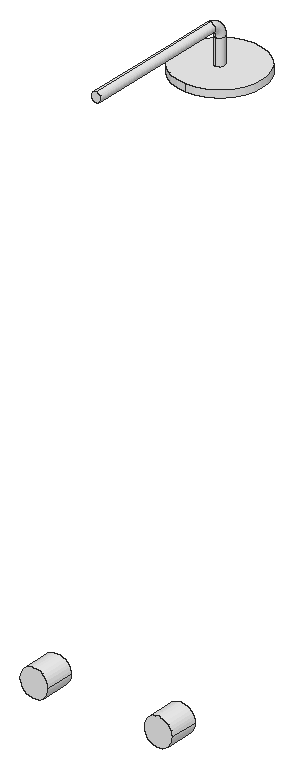
Revit family "Chuveiro", category Plumbing Fixtures, host Wall, Revit 2020
Family settings
  Host = Wall
  Round Connector Dimension = Use Diameter
  Part Type = Normal
  OmniClass Number = 23.45.00.00
  OmniClass Title = Sanitary, Laundry, and Cleaning Equipment
  Always vertical = Yes
  Cut with Voids When Loaded = No
  Shared = No
  Room Calculation Point = No
Parameters
  Material_Chuveiro = CT_Cromados
  Default Elevation = 0 mm
  Altura_Chuveiro = 2250 mm
  Altura Torneiras [instance] = 1080 mm
Reference planes
  plane 1: y = 0
  plane 2 "Center (Left/Right)": x = 125
  plane 3 "Back": y = 75
  plane 4: z = 2250
  plane 5: z = 1080
Forms (mm)
  Sweep 1, solid, material "CT_Cromados" <- "Material_Chuveiro"
    path origin (125, 0, 0) x (0, 1, 0) y (0, 0, 1)
      loop
        line (75, 2250) -> (380, 2250)
        arc (380, 2250) -> (397.678, 2242.678) -> (405, 2225) r 25
        line (405, 2225) -> (405, 2170)
    profile origin (125, 227.5, 2250) x (0, 0, 1) y (1, 0, 0)
      loop
        circle (0, 0) r 10
  Extrusion 2, solid, material "CT_Cromados" <- "Material_Chuveiro"
    sketch origin (125, 405, 2170) x (0, -1, 0) y (-1, 0, 0)
      loop
        circle (0, 0) r 90
    from 15.441 to 0
  Extrusion 3, solid, material "CT_Cromados" <- "Material_Chuveiro"
    sketch origin (-60, 75, 0) x (1, 0, 0) y (0, 0, 1)
      loop
        circle (317.921, 1080) r 30
    from 0 to -60.533
  Extrusion 4, solid, material "CT_Cromados" <- "Material_Chuveiro"
    sketch origin (310, 75, 0) x (-1, 0, 0) y (0, 0, -1)
      loop
        circle (317.921, -1080) r 30
    from 0 to -60.533
Cuts and joins
  joined: Sweep 1, Extrusion 2
Lines and regions (mm)
  model lines, style "PlumbingFixtures"
    curve 1: circle (125.066, 405.504, 0) r 90 normal (0, 0, 1)
  model lines, style "PlumbingFixturesHiddenLines"
    curve 2: line (114.16, 316.167, 0) -> (114.16, 75, 0)
    curve 3: line (134.16, 75, 0) -> (134.16, 315.964, 0)
Text (mm)
  text "Placement side" at (-1787.139, 592.35, 0), in view "Ref. Level"
  text "Placement side" at (0, 1827.695, 2917.686), in view "Left"
  text "Placement side" at (0, 562.268, 3853.606), in view "Right"
Dimensions and locks
  locked: plane 3 "Back" to host wall
  "Altura_Chuveiro": plane 4 to level
  "Altura Torneiras": level to plane 5
  aligned and locked: host wall to plane 1
  aligned and locked: Extrusion 2 to Sweep 1
  aligned and locked: Sweep 1 to plane 3 "Back"
  aligned and locked: cut or joined group of Sweep 1, Extrusion 2 to curve 3
  aligned and locked: cut or joined group of Sweep 1, Extrusion 2 to curve 2
Automatic sketch dimensions
  Sweep 1 sketch curve to plane 3 "Back" = 0 mm
  Sweep 1 sketch curve to plane 4 = 0 mm
  Sweep 1 sketch curve to plane 4 = 25 mm
  Sweep 1 sketch curve to plane 3 "Back" = 305 mm
  Sweep 1 sketch curve to Sweep 1 sketch curve = 55 mm
  Sweep 1 sketch curve to plane 2 "Center (Left/Right)" = 0 mm
  Sweep 1 sketch curve to profile plane = 0 mm
  Extrusion 3 sketch curve to plane 5 = 0 mm
  plane 2 "Center (Left/Right)" to Extrusion 3 sketch curve = 132.921 mm
  Extrusion 4 sketch curve to plane 5 = 0 mm
  plane 2 "Center (Left/Right)" to Extrusion 4 sketch curve = 132.921 mm
  plane 2 "Center (Left/Right)" to curve 1 = 0.066 mm
  host wall to curve 1 = 330.504 mm
  curve 2 to plane 2 "Center (Left/Right)" = 10.84 mm
  plane 2 "Center (Left/Right)" to curve 3 = 9.16 mm
  curve 3 to curve 1 = 89.539 mm
  radius of Sweep 1 sketch curve = 10 mm
  radius of Sweep 1 to Extrusion 2 sketch curve = 80 mm
  radius of Extrusion 3 sketch curve = 30 mm
  radius of Extrusion 4 sketch curve = 30 mm
